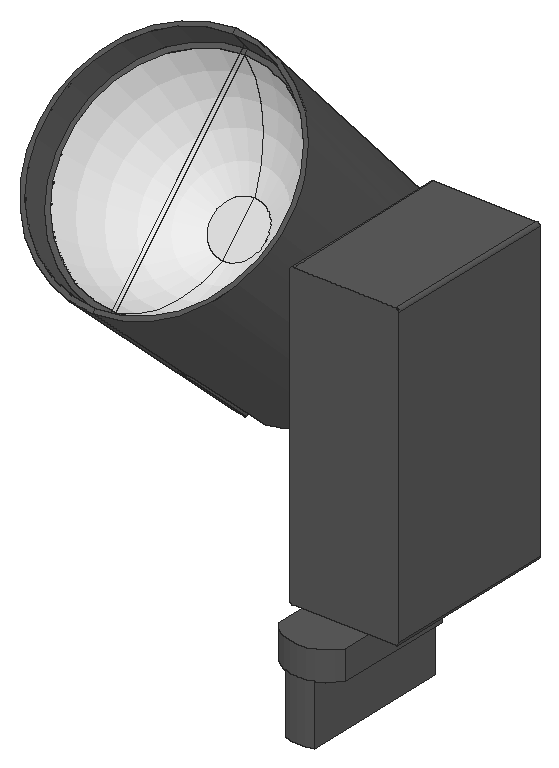
Revit family "0004906 Feilo Sylvania Lighting Fixture START TRACK SPOT L 55W 4K RA90 WB BLACK", category Lighting Fixtures, host Face, Revit 2017
Family settings
  Host = Face
  Round Connector Dimension = Use Diameter
  Part Type = Normal
  OmniClass Number = 23.80.70.00
  OmniClass Title = Lighting
  Cut with Voids When Loaded = No
  Light Source = No
  Shared = No
  Room Calculation Point = No
Parameters (values of type "0004906 START TRACK SPOT L 55W 4K RA90 WB BLACK")
  Weight = "1.398 kg"
  Wattage Comments = ""
  WarrantyStartDate [instance] = "n/a"
  WarrantyGuarantorParts = "n/a"
  WarrantyDurationUnit = "n/a"
  WarrantyDurationParts = "n/a"
  WarrantyDescription = "n/a"
  Voltage = 230 V
  URL = "http://www.sylvania-lighting.com"
  TypeName = "START TRACK SPOT L 55W 4K RA90 WB BLACK"
  TypeHead_FEILO = Start Track Spot Head : 0004906 START TRACK SPOT L 55W 4K RA90 WB BLACK
  TypeBox_FEILO = Start Track Spot Box : Type Large Black
  Type Image = <None>
  Type Comments = "n/a"
  VerticalRotation_FEILO [instance] = 0.00°
  SlideEndAngle_FEILO [instance] = VerticalRotation_FEILO + 180.00°  # 180.00°
  SerialNumber [instance] = "n/a"
  Material_3_FEILO = none
  PowerFactor = 0.96
  PowerConsumption = "55 W"
  NominalLength = 0 mm
  NominalHeight = 240 mm
  NominalDepth = 164 mm
  Name = "START TRACK SPOT L 55W 4K RA90 WB BLACK"
  ModelReference = Name  # "START TRACK SPOT L 55W 4K RA90 WB BLACK"
  ModelNumber = "0004906"
  Model = Name  # "START TRACK SPOT L 55W 4K RA90 WB BLACK"
  Material = "adc12 aluminium housing, polycarbonate diffuser"
  ManufacturerName = "Feilo Sylvania"
  Manufacturer = "Feilo Sylvania"
  LuminousEfficacy = "88 lm/W"
  LuminaireType = ""
  LightOutputRatio = "100"
  LampsType = Lamp  # "LED"
  LampNominalLuminous = "4824 lm"
  LampMacAdamStep = "3"
  LampColourTemperature = "4000 K"
  LampColourRenderingIndex = "90"
  Lamp = "LED"
  Keynote = "16500"
  InstallationDate [instance] = "n/a"
  InputVoltage = "230-240V~"
  InputNominalFrequency = "50/60 Hz"
  IngressProtection = "IP20"
  ImpactProtectionIndex = "IK02"
  IfcExportType = "IfcLightFixtureType"
  IfcExportAs = "IfcLightFixtureType"
  HorizontalRotation_FEILO [instance] = 45.00°
  ExpectedLife = 50000
  ElectricShockClassification = "Class II"
  DurationUnit = "hours"
  DocumentationLiterature = "http://www.sylvania-lighting.com/product/en-int/products/0004906"
  DimmingControlOptions = "Non dimmable"
  Material_2_FEILO = none
  Description = "Integrated LED spotlight, Textured Black - RAL9005, compact and minimalist design, ideal for retail applications, die-cast aluminium body, passive cooling heatsink. Beam angle: 52°, color temperature: 4000K , total system power: 55W, total fixture output: 4824 lm, LOR: 100%, colour rendering: Ra: 90 typical, LED Chromaticity: 3 step MacAdam ellipse, lifetime: >50000 hours at L70B50, energy class: A++, A+, A, IR/UV free light source without heat radiation, operating voltage: 220-240V / 50-60Hz, drive current: 1400mA, electronic driver, non-dimmable, power factor: 0.96, electrical protection: Class II, Global Track 3 Phase adapter suitable for Global trac 3-circuit tracks, ingress protection rating: IP20, suitable for internal environment only, horizontal rotation: 355°, vertical tilt: 90°, dimensions: Ø113x164x240, weight: 1.398kg."
  Default Elevation = 1219.2 mm
  CreatedOn = "12/12/2017"
  CreatedBy = ""
  Cost = 0
  built-in parameter 1114216 [instance] = (empty or 0)
  ClassificationValue = "EF_70_80"
  ClassificationName = "Uniclass2015"
  Material_1_FEILO = Body-Sylvania-StartTrackSpot-Black
  BarCode [instance] = "n/a"
  AssetType = "Fixed"
  AssetIdentifier [instance] = "n/a"
  Assembly Code = "D5020200"
  Apparent Load = 55 VA
  Material_4_FEILO = none
Reference planes
  plane 1 "Center (Front/Back)": y = 0
  plane 2: z = 0
  plane 3 "Center (Left/Right)": x = 0
  plane 4: x = 15
  plane 5: x = -15
  plane 6: y = 35
  plane 7: y = -35
  plane 8: z = 13
  plane 9: z = -27
  plane 10: x = 6.5
  plane 11: x = -6.5
  plane 12: y = 27
  plane 13: y = -27
  plane 14: y = 20
Forms (mm)
  Extrusion 1, solid, material "Body-Sylvania-StartTrackSpot-Black" <- "Material_1_FEILO"
    sketch origin (0, 0, 0) x (1, 0, 0) y (0, 1, 0)
      loop
        line (-15, 27) -> (-15, -27)
        arc (-15, -27) -> (0, -35) -> (15, -27) r 18.062
        line (15, -27) -> (15, 27)
        arc (15, 27) -> (0, 35) -> (-15, 27) r 18.062
    from 0 to 13
  Extrusion 2, solid, material "Body-Sylvania-StartTrackSpot-Black" <- "Material_1_FEILO"
    sketch origin (0, 0, 0) x (1, 0, 0) y (0, 1, 0)
      loop
        arc (6.5, 33.79) -> (0, 35) -> (-6.5, 33.79) r 18.062
        line (-6.5, 33.79) -> (-6.5, -33.79)
        arc (-6.5, -33.79) -> (0, -35) -> (6.5, -33.79) r 18.062
        line (6.5, -33.79) -> (6.5, 33.79)
    from 0 to -27
  Revolve 3, solid, not visible
    sketch origin (1524, 20, 1219.2) x (1, 0, 0) y (0, 0, 1)
      loop
        line (-1524, -1206.2) -> (-1524, -1191.285) -> (-1530.5, -1191.285) -> (-1530.5, -1206.2) -> (-1524, -1206.2)
      axis (-1524, -1191.285) -> (-1524, -1206.2)
    angle from 0 <- "VerticalRotation_FEILO" to 180 <- "SlideEndAngle_FEILO"
Cuts and joins
  joined: Extrusion 1, Extrusion 2
Dimensions and locks
  equal spacing: plane 10, plane 3 "Center (Left/Right)", plane 11
  equal spacing: plane 4, plane 3 "Center (Left/Right)", plane 5
  locked: plane 8 to plane 2 at 13
  locked: plane 8 to plane 9 at 40
  equal spacing: plane 13, plane 1 "Center (Front/Back)", plane 12
  locked: plane 12 to plane 6 at 8
  locked: plane 14 to plane 6 at 15
  locked: Revolve 3 sketch curve to plane 8 at 14.915
  aligned and locked: plane 2 to host face
  aligned and locked: level to host face
  aligned and locked: plane 5 to Extrusion 1 sketch curve  (x2)
  aligned and locked: plane 12 to Extrusion 1 sketch curve
  aligned and locked: plane 13 to Extrusion 1 sketch curve
  aligned and locked: plane 4 to Extrusion 1 sketch curve
  aligned and locked: Extrusion 1 to plane 8
  aligned and locked: Extrusion 1 to level
  aligned and locked: Extrusion 2 sketch curve to Extrusion 1  (x2)
  aligned and locked: Extrusion 2 sketch curve to plane 11
  aligned and locked: plane 10 to Extrusion 2 sketch curve
  aligned and locked: plane 9 to Extrusion 2
  aligned and locked: level to Extrusion 2
  aligned and locked: Revolve 3 sketch curve to plane 3 "Center (Left/Right)"  (x2)
  aligned and locked: plane 11 to Revolve 3 sketch curve
  aligned and locked: Revolve 3 sketch curve to plane 8
Automatic sketch dimensions
  host sketch curve to host sketch curve = 2438.4 mm  (x2)
  Extrusion 1 sketch curve to plane 3 "Center (Left/Right)" = 0 mm  (x2)
  Extrusion 1 sketch curve to plane 13 = 10.062 mm
  plane 12 to Extrusion 1 sketch curve = 10.062 mm
  Revolve 3 sketch curve to plane 3 "Center (Left/Right)" = 0 mm
  plane 9 to Revolve 3 sketch curve = 582.6 mm
  Revolve 3 sketch curve to Revolve 3 sketch curve = 2581.144 mm
Nested families
  nested 1: "Start Track Spot Head" at (-75.5, 20, 133) x (0, 0.7071, 0.7071) z (0, 0.7071, -0.7071), type <- "TypeHead_FEILO", type "0004906 START TRACK SPOT L 55W 4K RA90 WB BLACK"
    with built-in parameter 1114216 (empty or 0)
  nested 2: "Start Track Spot Box" at (8.5, 20, 85) x (-1, 0, 0) z (0, -1, 0), BoxStartAngle_FEILO <- "HorizontalRotation_FEILO", type <- "TypeBox_FEILO", type "Type Large Black"
    with BoxStartAngle_FEILO 45.00°, BoxEndAngle_FEILO -135.00°
Connectors
  electrical at (0, 0, 0), driven by "Apparent Load", driven by "PowerFactor", driven by "Voltage"
    settings: index 1, voltage 230 V, apparent load 55 VA, apparent load phase1 0 VA, apparent load phase2 0 VA, apparent load phase3 0 VA, power factor 0.96, load classification "Lighting", number of poles 1, system type 30, power factor state 1, is connector primary yes, connector utility no, sub classification motor no, connector description ""
Definition of nested family "Start Track Spot Head"
  Parameters (values of type "0004811 START TRACK SPOT S 14W 3K RA80 NB WHITE")
    Wattage Comments = "n/a"
    Wattage = 14 W
    built-in parameter 1150110 = 1 (stored number, unit not read)
    URL = "http://www.feilosylvania.com"
    Type Image = (empty or 0)
    Type Comments = "n/a"
    built-in parameter 1114217 = 1 (stored number, unit not read)
    Tilt Angle = -90.00°
    built-in parameter 1150109 = 1 (stored number, unit not read)
    built-in parameter 1150134 = (empty or 0)
    built-in parameter 1150113 = 1 (stored number, unit not read)
    Photometric Web File = "0004811.ies"
    Material_3_FEILO = none
    Model = "START TRACK SPOT S 14W 3K RA80 NB WHITE"
    Manufacturer = "Feilo Sylvania"
    built-in parameter 1150105 = 123.66 (stored number, unit not read)
    Lumens = 1554 lm
    built-in parameter 1150115 = 1 (stored number, unit not read)
    built-in parameter 1150137 = (empty or 0)
    built-in parameter 1150139 = (empty or 0)
    built-in parameter 1150112 = 1 (stored number, unit not read)
    built-in parameter 1150114 = 1 (stored number, unit not read)
    Lamp = "LED"
    Keynote = "16500"
    Material_2_FEILO = none
    built-in parameter 1150132 = (empty or 0)
    built-in parameter 1150102 = (empty or 0)
    built-in parameter 1150107 = 3000 (stored number, unit not read)
    built-in parameter 1150138 = (empty or 0)
    built-in parameter 1150106 = 1.2366 (stored number, unit not read)
    HeadThickness_FEILO = if(HeadDiaOut_FEILO > 112 mm, 2 mm, 1.5 mm)  # 1.5 mm
    HeadRibOffset_FEILO = HeadHeight_FEILO / 28  # 4.179 mm
    HeadRibDepth_FEILO = HeadHeight_FEILO / 2.1  # 55.714 mm
    HeadRibCutWidth_FEILO = HeadDiaOut_FEILO / 12  # 7.167 mm
    HeadRibCutOffset_FEILO = HeadHeight_FEILO / 2.3  # 50.87 mm
    HeadReflectorRadius_FEILO = HeadDiaOut_FEILO / 1.7  # 50.588 mm
    HeadReflectorOffset_FEILO = HeadHeight_FEILO / 2.1  # 55.714 mm
    HeadLEDRadius_FEILO = HeadDiaOut_FEILO / 9  # 9.556 mm
    HeadHeight_FEILO = 117 mm
    HeadDraft_FEILO = 1 mm
    HeadDiffusorThickness_FEILO = 3 mm
    HeadDiffusorOffset_FEILO = HeadHeight_FEILO / 12.4  # 9.435 mm
    HeadDiaOut_FEILO = 86 mm
    HeadDiaIn_FEILO = HeadDiaOut_FEILO / 1.11  # 77.477 mm
    HeadAxisFromTop_FEILO = HeadHeight_FEILO / 1.687  # 69.354 mm
    Emit from Circle Diameter = HeadDiaIn_FEILO  # 77.477 mm
    Emit Shape Visible in Rendering = no
    built-in parameter 1150104 = 10.312 (stored number, unit not read)
    Dimming Lamp Color Temperature Shift = (empty or 0)
    Description = "Integrated LED spotlight, Textured White - RAL9016, compact and minimalist design, ideal for retail applications, die-cast aluminium body, passive cooling heatsink. Beam angle: 12°, color temperature: 3000K , total system power: 14W, total fixture output: 1551 lm, LOR: 100%, colour rendering: Ra: 80 typical, LED Chromaticity: 3 step MacAdam ellipse, lifetime: >50000 hours at L70B50, energy class: A++, A+, A, IR/UV free light source without heat radiation, operating voltage: 220-240V / 50-60Hz, drive current: 350mA, electronic driver, non-dimmable, power factor: 0.92, electrical protection: Class II, Global Track 3 Phase adapter suitable for Global trac 3-circuit tracks, ingress protection rating: IP20, suitable for internal environment only, horizontal rotation: 355°, vertical tilt: 90°, dimensions: Ø86x140x200, weight: 0.940kg."
    Default Elevation = 1219.2 mm
    Cost = 0
    Color Filter = 16777215
    built-in parameter 1114216 [instance] = (empty or 0)
    Material_1_FEILO = none
    built-in parameter 1114218 = 1 (stored number, unit not read)
    built-in parameter 1150133 = 10 (stored number, unit not read)
    Assembly Code = "D5020200"
    Apparent Load = 14 VA
    Material_4_FEILO = none
  Types (96, lengths in mm): name | Wattage | built-in parameter 1150134 | Photometric Web File | Model | built-in parameter 1150105 | Lumens | built-in parameter 1150107 | built-in parameter 1150106 | HeadThickness_FEILO | HeadRibOffset_FEILO | HeadRibDepth_FEILO | HeadRibCutWidth_FEILO | HeadRibCutOffset_FEILO | HeadReflectorRadius_FEILO | HeadReflectorOffset_FEILO | HeadLEDRadius_FEILO | HeadHeight_FEILO | HeadDiffusorOffset_FEILO | HeadDiaOut_FEILO | HeadDiaIn_FEILO | HeadAxisFromTop_FEILO | Emit from Circle Diameter | built-in parameter 1150104 | Description | Apparent Load
    0004906 START TRACK SPOT L 55W 4K RA90 WB BLACK | 55 W | 12 | "0004906.ies" | "START TRACK SPOT L 55W 4K RA90 WB BLACK" | 385.15 (stored number, unit not read) | 4840 lm | 4000 (stored number, unit not read) | 3.8515 (stored number, unit not read) | 2 | 4.429 | 59.048 | 9.417 | 53.913 | 66.471 | 59.048 | 12.556 | 124 | 10 | 113 | 101.802 | 73.503 | 101.802 | 8.1755 (stored number, unit not read) | "Integrated LED spotlight, Textured Black - RAL9005, compact and minimalist design, ideal for retail applications, die-cast aluminium body, passive cooling heatsink. Beam angle: 52°, color temperature: 4000K , total system power: 55W, total fixture output: 4824 lm, LOR: 100%, colour rendering: Ra: 90 typical, LED Chromaticity: 3 step MacAdam ellipse, lifetime: >50000 hours at L70B50, energy class: A++, A+, A, IR/UV free light source without heat radiation, operating voltage: 220-240V / 50-60Hz, drive current: 1400mA, electronic driver, non-dimmable, power factor: 0.96, electrical protection: Class II, Global Track 3 Phase adapter suitable for Global trac 3-circuit tracks, ingress protection rating: IP20, suitable for internal environment only, horizontal rotation: 355°, vertical tilt: 90°, dimensions: Ø113x164x240, weight: 1.398kg." | 55 VA
    0004905 START TRACK SPOT L 55W 4K RA90 MB BLACK | 55 W | 12 | "0004905.ies" | "START TRACK SPOT L 55W 4K RA90 MB BLACK" | 389.53 (stored number, unit not read) | 4895 lm | 4000 (stored number, unit not read) | 3.8953 (stored number, unit not read) | 2 | 4.429 | 59.048 | 9.417 | 53.913 | 66.471 | 59.048 | 12.556 | 124 | 10 | 113 | 101.802 | 73.503 | 101.802 | 8.2684 (stored number, unit not read) | "Integrated LED spotlight, Textured Black - RAL9005, compact and minimalist design, ideal for retail applications, die-cast aluminium body, passive cooling heatsink. Beam angle: 38°, color temperature: 4000K , total system power: 55W, total fixture output: 4897 lm, LOR: 100%, colour rendering: Ra: 90 typical, LED Chromaticity: 3 step MacAdam ellipse, lifetime: >50000 hours at L70B50, energy class: A++, A+, A, IR/UV free light source without heat radiation, operating voltage: 220-240V / 50-60Hz, drive current: 1400mA, electronic driver, non-dimmable, power factor: 0.96, electrical protection: Class II, Global Track 3 Phase adapter suitable for Global trac 3-circuit tracks, ingress protection rating: IP20, suitable for internal environment only, horizontal rotation: 355°, vertical tilt: 90°, dimensions: Ø113x164x240, weight: 1.398kg." | 55 VA
    0004904 START TRACK SPOT L 55W 4K RA90 NB BLACK | 55 W | 12 | "0004904.ies" | "START TRACK SPOT L 55W 4K RA90 NB BLACK" | 393.91 (stored number, unit not read) | 4950 lm | 4000 (stored number, unit not read) | 3.9391 (stored number, unit not read) | 2 | 4.429 | 59.048 | 9.417 | 53.913 | 66.471 | 59.048 | 12.556 | 124 | 10 | 113 | 101.802 | 73.503 | 101.802 | 8.3613 (stored number, unit not read) | "Integrated LED spotlight, Textured Black - RAL9005, compact and minimalist design, ideal for retail applications, die-cast aluminium body, passive cooling heatsink. Beam angle: 15°, color temperature: 4000K , total system power: 55W, total fixture output: 4965 lm, LOR: 100%, colour rendering: Ra: 90 typical, LED Chromaticity: 3 step MacAdam ellipse, lifetime: >50000 hours at L70B50, energy class: A++, A+, A, IR/UV free light source without heat radiation, operating voltage: 220-240V / 50-60Hz, drive current: 1400mA, electronic driver, non-dimmable, power factor: 0.96, electrical protection: Class II, Global Track 3 Phase adapter suitable for Global trac 3-circuit tracks, ingress protection rating: IP20, suitable for internal environment only, horizontal rotation: 355°, vertical tilt: 90°, dimensions: Ø113x164x240, weight: 1.398kg." | 55 VA
    0004903 START TRACK SPOT L 35W 4K RA90 WB BLACK | 35 W | 12 | "0004903.ies" | "START TRACK SPOT L 35W 4K RA90 WB BLACK" | 284.09 (stored number, unit not read) | 3570 lm | 4000 (stored number, unit not read) | 2.8409 (stored number, unit not read) | 2 | 4.429 | 59.048 | 9.417 | 53.913 | 66.471 | 59.048 | 12.556 | 124 | 10 | 113 | 101.802 | 73.503 | 101.802 | 9.4761 (stored number, unit not read) | "Integrated LED spotlight, Textured Black - RAL9005, compact and minimalist design, ideal for retail applications, die-cast aluminium body, passive cooling heatsink. Beam angle: 52°, color temperature: 4000K , total system power: 35W, total fixture output: 3562 lm, LOR: 100%, colour rendering: Ra: 90 typical, LED Chromaticity: 3 step MacAdam ellipse, lifetime: >50000 hours at L70B50, energy class: A++, A+, A, IR/UV free light source without heat radiation, operating voltage: 220-240V / 50-60Hz, drive current: 900mA, electronic driver, non-dimmable, power factor: 0.93, electrical protection: Class II, Global Track 3 Phase adapter suitable for Global trac 3-circuit tracks, ingress protection rating: IP20, suitable for internal environment only, horizontal rotation: 355°, vertical tilt: 90°, dimensions: Ø113x164x240, weight: 1.368kg." | 35 VA
    0004902 START TRACK SPOT L 35W 4K RA90 MB BLACK | 35 W | 12 | "0004902.ies" | "START TRACK SPOT L 35W 4K RA90 MB BLACK" | 286.88 (stored number, unit not read) | 3605 lm | 4000 (stored number, unit not read) | 2.8688 (stored number, unit not read) | 2 | 4.429 | 59.048 | 9.417 | 53.913 | 66.471 | 59.048 | 12.556 | 124 | 10 | 113 | 101.802 | 73.503 | 101.802 | 9.569 (stored number, unit not read) | "Integrated LED spotlight, Textured Black - RAL9005, compact and minimalist design, ideal for retail applications, die-cast aluminium body, passive cooling heatsink. Beam angle: 38°, color temperature: 4000K , total system power: 35W, total fixture output: 3616 lm, LOR: 100%, colour rendering: Ra: 90 typical, LED Chromaticity: 3 step MacAdam ellipse, lifetime: >50000 hours at L70B50, energy class: A++, A+, A, IR/UV free light source without heat radiation, operating voltage: 220-240V / 50-60Hz, drive current: 900mA, electronic driver, non-dimmable, power factor: 0.93, electrical protection: Class II, Global Track 3 Phase adapter suitable for Global trac 3-circuit tracks, ingress protection rating: IP20, suitable for internal environment only, horizontal rotation: 355°, vertical tilt: 90°, dimensions: Ø113x164x240, weight: 1.368kg." | 35 VA
    0004901 START TRACK SPOT L 35W 4K RA90 NB BLACK | 35 W | 12 | "0004901.ies" | "START TRACK SPOT L 35W 4K RA90 NB BLACK" | 286.88 (stored number, unit not read) | 3605 lm | 4000 (stored number, unit not read) | 2.8688 (stored number, unit not read) | 2 | 4.429 | 59.048 | 9.417 | 53.913 | 66.471 | 59.048 | 12.556 | 124 | 10 | 113 | 101.802 | 73.503 | 101.802 | 9.569 (stored number, unit not read) | "Integrated LED spotlight, Textured Black - RAL9005, compact and minimalist design, ideal for retail applications, die-cast aluminium body, passive cooling heatsink. Beam angle: 15°, color temperature: 4000K , total system power: 35W, total fixture output: 3593 lm, LOR: 100%, colour rendering: Ra: 90 typical, LED Chromaticity: 3 step MacAdam ellipse, lifetime: >50000 hours at L70B50, energy class: A++, A+, A, IR/UV free light source without heat radiation, operating voltage: 220-240V / 50-60Hz, drive current: 900mA, electronic driver, non-dimmable, power factor: 0.93, electrical protection: Class II, Global Track 3 Phase adapter suitable for Global trac 3-circuit tracks, ingress protection rating: IP20, suitable for internal environment only, horizontal rotation: 355°, vertical tilt: 90°, dimensions: Ø113x164x240, weight: 1.368kg." | 35 VA
    0004900 START TRACK SPOT S 24W 4K RA90 WB BLACK | 24 W | 12 | "0004900.ies" | "START TRACK SPOT S 24W 4K RA90 WB BLACK" | 166.16 (stored number, unit not read) | 2088 lm | 4000 (stored number, unit not read) | 1.6616 (stored number, unit not read) | 1.5 | 4.179 | 55.714 | 7.167 | 50.87 | 50.588 | 55.714 | 9.556 | 117 | 9.435 | 86 | 77.477 | 69.354 | 77.477 | 8.0826 (stored number, unit not read) | "Integrated LED spotlight, Textured Black - RAL9005, compact and minimalist design, ideal for retail applications, die-cast aluminium body, passive cooling heatsink. Beam angle: 64°, color temperature: 4000K , total system power: 24W, total fixture output: 2087 lm, LOR: 100%, colour rendering: Ra: 90 typical, LED Chromaticity: 3 step MacAdam ellipse, lifetime: >50000 hours at L70B50, energy class: A++, A+, A, IR/UV free light source without heat radiation, operating voltage: 220-240V / 50-60Hz, drive current: 600mA, electronic driver, non-dimmable, power factor: 0.95, electrical protection: Class II, Global Track 3 Phase adapter suitable for Global trac 3-circuit tracks, ingress protection rating: IP20, suitable for internal environment only, horizontal rotation: 355°, vertical tilt: 90°, dimensions: Ø86x140x200, weight: 0.966kg." | 24 VA
    0004899 START TRACK SPOT S 24W 4K RA90 MB BLACK | 24 W | 12 | "0004899.ies" | "START TRACK SPOT S 24W 4K RA90 MB BLACK" | 169.98 (stored number, unit not read) | 2136 lm | 4000 (stored number, unit not read) | 1.6998 (stored number, unit not read) | 1.5 | 4.179 | 55.714 | 7.167 | 50.87 | 50.588 | 55.714 | 9.556 | 117 | 9.435 | 86 | 77.477 | 69.354 | 77.477 | 8.2684 (stored number, unit not read) | "Integrated LED spotlight, Textured Black - RAL9005, compact and minimalist design, ideal for retail applications, die-cast aluminium body, passive cooling heatsink. Beam angle: 36°, color temperature: 4000K , total system power: 24W, total fixture output: 2141 lm, LOR: 100%, colour rendering: Ra: 90 typical, LED Chromaticity: 3 step MacAdam ellipse, lifetime: >50000 hours at L70B50, energy class: A++, A+, A, IR/UV free light source without heat radiation, operating voltage: 220-240V / 50-60Hz, drive current: 600mA, electronic driver, non-dimmable, power factor: 0.95, electrical protection: Class II, Global Track 3 Phase adapter suitable for Global trac 3-circuit tracks, ingress protection rating: IP20, suitable for internal environment only, horizontal rotation: 355°, vertical tilt: 90°, dimensions: Ø86x140x200, weight: 0.966kg." | 24 VA
    0004898 START TRACK SPOT S 24W 4K RA90 NB BLACK | 24 W | 12 | "0004898.ies" | "START TRACK SPOT S 24W 4K RA90 NB BLACK" | 171.89 (stored number, unit not read) | 2160 lm | 4000 (stored number, unit not read) | 1.7189 (stored number, unit not read) | 1.5 | 4.179 | 55.714 | 7.167 | 50.87 | 50.588 | 55.714 | 9.556 | 117 | 9.435 | 86 | 77.477 | 69.354 | 77.477 | 8.3613 (stored number, unit not read) | "Integrated LED spotlight, Textured Black - RAL9005, compact and minimalist design, ideal for retail applications, die-cast aluminium body, passive cooling heatsink. Beam angle: 12°, color temperature: 4000K , total system power: 24W, total fixture output: 2155 lm, LOR: 100%, colour rendering: Ra: 90 typical, LED Chromaticity: 3 step MacAdam ellipse, lifetime: >50000 hours at L70B50, energy class: A++, A+, A, IR/UV free light source without heat radiation, operating voltage: 220-240V / 50-60Hz, drive current: 600mA, electronic driver, non-dimmable, power factor: 0.95, electrical protection: Class II, Global Track 3 Phase adapter suitable for Global trac 3-circuit tracks, ingress protection rating: IP20, suitable for internal environment only, horizontal rotation: 355°, vertical tilt: 90°, dimensions: Ø86x140x200, weight: 0.966kg." | 24 VA
    0004897 START TRACK SPOT S 14W 4K RA90 WB BLACK | 14 W | 12 | "0004897.ies" | "START TRACK SPOT S 14W 4K RA90 WB BLACK" | 108.07 (stored number, unit not read) | 1358 lm | 4000 (stored number, unit not read) | 1.0807 (stored number, unit not read) | 1.5 | 4.179 | 55.714 | 7.167 | 50.87 | 50.588 | 55.714 | 9.556 | 117 | 9.435 | 86 | 77.477 | 69.354 | 77.477 | 9.0116 (stored number, unit not read) | "Integrated LED spotlight, Textured Black - RAL9005, compact and minimalist design, ideal for retail applications, die-cast aluminium body, passive cooling heatsink. Beam angle: 64°, color temperature: 4000K , total system power: 14W, total fixture output: 1352 lm, LOR: 100%, colour rendering: Ra: 90 typical, LED Chromaticity: 3 step MacAdam ellipse, lifetime: >50000 hours at L70B50, energy class: A++, A+, A, IR/UV free light source without heat radiation, operating voltage: 220-240V / 50-60Hz, drive current: 350mA, electronic driver, non-dimmable, power factor: 0.92, electrical protection: Class II, Global Track 3 Phase adapter suitable for Global trac 3-circuit tracks, ingress protection rating: IP20, suitable for internal environment only, horizontal rotation: 355°, vertical tilt: 90°, dimensions: Ø86x140x200, weight: 0.940kg." | 14 VA
    0004896 START TRACK SPOT S 14W 4K RA90 MB BLACK | 14 W | 12 | "0004896.ies" | "START TRACK SPOT S 14W 4K RA90 MB BLACK" | 108.07 (stored number, unit not read) | 1358 lm | 4000 (stored number, unit not read) | 1.0807 (stored number, unit not read) | 1.5 | 4.179 | 55.714 | 7.167 | 50.87 | 50.588 | 55.714 | 9.556 | 117 | 9.435 | 86 | 77.477 | 69.354 | 77.477 | 9.0116 (stored number, unit not read) | "Integrated LED spotlight, Textured Black - RAL9005, compact and minimalist design, ideal for retail applications, die-cast aluminium body, passive cooling heatsink. Beam angle: 36°, color temperature: 4000K , total system power: 14W, total fixture output: 1359 lm, LOR: 100%, colour rendering: Ra: 90 typical, LED Chromaticity: 3 step MacAdam ellipse, lifetime: >50000 hours at L70B50, energy class: A++, A+, A, IR/UV free light source without heat radiation, operating voltage: 220-240V / 50-60Hz, drive current: 350mA, electronic driver, non-dimmable, power factor: 0.92, electrical protection: Class II, Global Track 3 Phase adapter suitable for Global trac 3-circuit tracks, ingress protection rating: IP20, suitable for internal environment only, horizontal rotation: 355°, vertical tilt: 90°, dimensions: Ø86x140x200, weight: 0.940kg." | 14 VA
    0004895 START TRACK SPOT S 14W 4K RA90 NB BLACK | 14 W | 12 | "0004895.ies" | "START TRACK SPOT S 14W 4K RA90 NB BLACK" | 106.95 (stored number, unit not read) | 1344 lm | 4000 (stored number, unit not read) | 1.0695 (stored number, unit not read) | 1.5 | 4.179 | 55.714 | 7.167 | 50.87 | 50.588 | 55.714 | 9.556 | 117 | 9.435 | 86 | 77.477 | 69.354 | 77.477 | 8.9187 (stored number, unit not read) | "Integrated LED spotlight, Textured Black - RAL9005, compact and minimalist design, ideal for retail applications, die-cast aluminium body, passive cooling heatsink. Beam angle: 12°, color temperature: 4000K , total system power: 14W, total fixture output: 1349 lm, LOR: 100%, colour rendering: Ra: 90 typical, LED Chromaticity: 3 step MacAdam ellipse, lifetime: >50000 hours at L70B50, energy class: A++, A+, A, IR/UV free light source without heat radiation, operating voltage: 220-240V / 50-60Hz, drive current: 350mA, electronic driver, non-dimmable, power factor: 0.92, electrical protection: Class II, Global Track 3 Phase adapter suitable for Global trac 3-circuit tracks, ingress protection rating: IP20, suitable for internal environment only, horizontal rotation: 355°, vertical tilt: 90°, dimensions: Ø86x140x200, weight: 0.940kg." | 14 VA
    0004894 START TRACK SPOT L 55W 3K RA90 WB BLACK | 55 W | (empty or 0) | "0004894.ies" | "START TRACK SPOT L 55W 3K RA90 WB BLACK" | 350.14 (stored number, unit not read) | 4400 lm | 3000 (stored number, unit not read) | 3.5014 (stored number, unit not read) | 2 | 4.429 | 59.048 | 9.417 | 53.913 | 66.471 | 59.048 | 12.556 | 124 | 10 | 113 | 101.802 | 73.503 | 101.802 | 7.4322 (stored number, unit not read) | "Integrated LED spotlight, Textured Black - RAL9005, compact and minimalist design, ideal for retail applications, die-cast aluminium body, passive cooling heatsink. Beam angle: 52°, color temperature: 3000K , total system power: 55W, total fixture output: 4405 lm, LOR: 100%, colour rendering: Ra: 90 typical, LED Chromaticity: 3 step MacAdam ellipse, lifetime: >50000 hours at L70B50, energy class: A++, A+, A, IR/UV free light source without heat radiation, operating voltage: 220-240V / 50-60Hz, drive current: 1400mA, electronic driver, non-dimmable, power factor: 0.96, electrical protection: Class II, Global Track 3 Phase adapter suitable for Global trac 3-circuit tracks, ingress protection rating: IP20, suitable for internal environment only, horizontal rotation: 355°, vertical tilt: 90°, dimensions: Ø113x164x240, weight: 1.398kg." | 55 VA
    0004893 START TRACK SPOT L 55W 3K RA90 MB BLACK | 55 W | (empty or 0) | "0004893.ies" | "START TRACK SPOT L 55W 3K RA90 MB BLACK" | 354.52 (stored number, unit not read) | 4455 lm | 3000 (stored number, unit not read) | 3.5452 (stored number, unit not read) | 2 | 4.429 | 59.048 | 9.417 | 53.913 | 66.471 | 59.048 | 12.556 | 124 | 10 | 113 | 101.802 | 73.503 | 101.802 | 7.5251 (stored number, unit not read) | "Integrated LED spotlight, Textured Black - RAL9005, compact and minimalist design, ideal for retail applications, die-cast aluminium body, passive cooling heatsink. Beam angle: 38°, color temperature: 3000K , total system power: 55W, total fixture output: 4448 lm, LOR: 100%, colour rendering: Ra: 90 typical, LED Chromaticity: 3 step MacAdam ellipse, lifetime: >50000 hours at L70B50, energy class: A++, A+, A, IR/UV free light source without heat radiation, operating voltage: 220-240V / 50-60Hz, drive current: 1400mA, electronic driver, non-dimmable, power factor: 0.96, electrical protection: Class II, Global Track 3 Phase adapter suitable for Global trac 3-circuit tracks, ingress protection rating: IP20, suitable for internal environment only, horizontal rotation: 355°, vertical tilt: 90°, dimensions: Ø113x164x240, weight: 1.398kg." | 55 VA
    0004892 START TRACK SPOT L 55W 3K RA90 NB BLACK | 55 W | (empty or 0) | "0004892.ies" | "START TRACK SPOT L 55W 3K RA90 NB BLACK" | 350.14 (stored number, unit not read) | 4400 lm | 3000 (stored number, unit not read) | 3.5014 (stored number, unit not read) | 2 | 4.429 | 59.048 | 9.417 | 53.913 | 66.471 | 59.048 | 12.556 | 124 | 10 | 113 | 101.802 | 73.503 | 101.802 | 7.4322 (stored number, unit not read) | "Integrated LED spotlight, Textured Black - RAL9005, compact and minimalist design, ideal for retail applications, die-cast aluminium body, passive cooling heatsink. Beam angle: 15°, color temperature: 3000K , total system power: 55W, total fixture output: 4416 lm, LOR: 100%, colour rendering: Ra: 90 typical, LED Chromaticity: 3 step MacAdam ellipse, lifetime: >50000 hours at L70B50, energy class: A++, A+, A, IR/UV free light source without heat radiation, operating voltage: 220-240V / 50-60Hz, drive current: 1400mA, electronic driver, non-dimmable, power factor: 0.96, electrical protection: Class II, Global Track 3 Phase adapter suitable for Global trac 3-circuit tracks, ingress protection rating: IP20, suitable for internal environment only, horizontal rotation: 355°, vertical tilt: 90°, dimensions: Ø113x164x240, weight: 1.398kg." | 55 VA
    0004891 START TRACK SPOT L 35W 3K RA90 WB BLACK | 35 W | (empty or 0) | "0004891.ies" | "START TRACK SPOT L 35W 3K RA90 WB BLACK" | 259.02 (stored number, unit not read) | 3255 lm | 3000 (stored number, unit not read) | 2.5902 (stored number, unit not read) | 2 | 4.429 | 59.048 | 9.417 | 53.913 | 66.471 | 59.048 | 12.556 | 124 | 10 | 113 | 101.802 | 73.503 | 101.802 | 8.64 (stored number, unit not read) | "Integrated LED spotlight, Textured Black - RAL9005, compact and minimalist design, ideal for retail applications, die-cast aluminium body, passive cooling heatsink. Beam angle: 52°, color temperature: 3000K , total system power: 35W, total fixture output: 3260 lm, LOR: 100%, colour rendering: Ra: 90 typical, LED Chromaticity: 3 step MacAdam ellipse, lifetime: >50000 hours at L70B50, energy class: A++, A+, A, IR/UV free light source without heat radiation, operating voltage: 220-240V / 50-60Hz, drive current: 900mA, electronic driver, non-dimmable, power factor: 0.93, electrical protection: Class II, Global Track 3 Phase adapter suitable for Global trac 3-circuit tracks, ingress protection rating: IP20, suitable for internal environment only, horizontal rotation: 355°, vertical tilt: 90°, dimensions: Ø113x164x240, weight: 1.368kg." | 35 VA
    0004890 START TRACK SPOT L 35W 3K RA90 MB BLACK | 35 W | (empty or 0) | "0004890.ies" | "START TRACK SPOT L 35W 3K RA90 MB BLACK" | 261.81 (stored number, unit not read) | 3290 lm | 3000 (stored number, unit not read) | 2.6181 (stored number, unit not read) | 2 | 4.429 | 59.048 | 9.417 | 53.913 | 66.471 | 59.048 | 12.556 | 124 | 10 | 113 | 101.802 | 73.503 | 101.802 | 8.7329 (stored number, unit not read) | "Integrated LED spotlight, Textured Black - RAL9005, compact and minimalist design, ideal for retail applications, die-cast aluminium body, passive cooling heatsink. Beam angle: 38°, color temperature: 3000K , total system power: 35W, total fixture output: 3306 lm, LOR: 100%, colour rendering: Ra: 90 typical, LED Chromaticity: 3 step MacAdam ellipse, lifetime: >50000 hours at L70B50, energy class: A++, A+, A, IR/UV free light source without heat radiation, operating voltage: 220-240V / 50-60Hz, drive current: 900mA, electronic driver, non-dimmable, power factor: 0.93, electrical protection: Class II, Global Track 3 Phase adapter suitable for Global trac 3-circuit tracks, ingress protection rating: IP20, suitable for internal environment only, horizontal rotation: 355°, vertical tilt: 90°, dimensions: Ø113x164x240, weight: 1.368kg." | 35 VA
    0004889 START TRACK SPOT L 35W 3K RA90 NB BLACK | 35 W | (empty or 0) | "0004889.ies" | "START TRACK SPOT L 35W 3K RA90 NB BLACK" | 261.81 (stored number, unit not read) | 3290 lm | 3000 (stored number, unit not read) | 2.6181 (stored number, unit not read) | 2 | 4.429 | 59.048 | 9.417 | 53.913 | 66.471 | 59.048 | 12.556 | 124 | 10 | 113 | 101.802 | 73.503 | 101.802 | 8.7329 (stored number, unit not read) | "Integrated LED spotlight, Textured Black - RAL9005, compact and minimalist design, ideal for retail applications, die-cast aluminium body, passive cooling heatsink. Beam angle: 15°, color temperature: 3000K , total system power: 35W, total fixture output: 3287 lm, LOR: 100%, colour rendering: Ra: 90 typical, LED Chromaticity: 3 step MacAdam ellipse, lifetime: >50000 hours at L70B50, energy class: A++, A+, A, IR/UV free light source without heat radiation, operating voltage: 220-240V / 50-60Hz, drive current: 900mA, electronic driver, non-dimmable, power factor: 0.93, electrical protection: Class II, Global Track 3 Phase adapter suitable for Global trac 3-circuit tracks, ingress protection rating: IP20, suitable for internal environment only, horizontal rotation: 355°, vertical tilt: 90°, dimensions: Ø113x164x240, weight: 1.368kg." | 35 VA
    0004888 START TRACK SPOT S 24W 3K RA90 WB BLACK | 24 W | (empty or 0) | "0004888.ies" | "START TRACK SPOT S 24W 3K RA90 WB BLACK" | 152.79 (stored number, unit not read) | 1920 lm | 3000 (stored number, unit not read) | 1.5279 (stored number, unit not read) | 1.5 | 4.179 | 55.714 | 7.167 | 50.87 | 50.588 | 55.714 | 9.556 | 117 | 9.435 | 86 | 77.477 | 69.354 | 77.477 | 7.4322 (stored number, unit not read) | "Integrated LED spotlight, Textured Black - RAL9005, compact and minimalist design, ideal for retail applications, die-cast aluminium body, passive cooling heatsink. Beam angle: 64°, color temperature: 3000K , total system power: 24W, total fixture output: 1928 lm, LOR: 100%, colour rendering: Ra: 90 typical, LED Chromaticity: 3 step MacAdam ellipse, lifetime: >50000 hours at L70B50, energy class: A++, A+, A, IR/UV free light source without heat radiation, operating voltage: 220-240V / 50-60Hz, drive current: 600mA, electronic driver, non-dimmable, power factor: 0.95, electrical protection: Class II, Global Track 3 Phase adapter suitable for Global trac 3-circuit tracks, ingress protection rating: IP20, suitable for internal environment only, horizontal rotation: 355°, vertical tilt: 90°, dimensions: Ø86x140x200, weight: 0.966kg." | 24 VA
    0004887 START TRACK SPOT S 24W 3K RA90 MB BLACK | 24 W | (empty or 0) | "0004887.ies" | "START TRACK SPOT S 24W 3K RA90 MB BLACK" | 154.7 (stored number, unit not read) | 1944 lm | 3000 (stored number, unit not read) | 1.547 (stored number, unit not read) | 1.5 | 4.179 | 55.714 | 7.167 | 50.87 | 50.588 | 55.714 | 9.556 | 117 | 9.435 | 86 | 77.477 | 69.354 | 77.477 | 7.5251 (stored number, unit not read) | "Integrated LED spotlight, Textured Black - RAL9005, compact and minimalist design, ideal for retail applications, die-cast aluminium body, passive cooling heatsink. Beam angle: 36°, color temperature: 3000K , total system power: 24W, total fixture output: 1944 lm, LOR: 100%, colour rendering: Ra: 90 typical, LED Chromaticity: 3 step MacAdam ellipse, lifetime: >50000 hours at L70B50, energy class: A++, A+, A, IR/UV free light source without heat radiation, operating voltage: 220-240V / 50-60Hz, drive current: 600mA, electronic driver, non-dimmable, power factor: 0.95, electrical protection: Class II, Global Track 3 Phase adapter suitable for Global trac 3-circuit tracks, ingress protection rating: IP20, suitable for internal environment only, horizontal rotation: 355°, vertical tilt: 90°, dimensions: Ø86x140x200, weight: 0.966kg." | 24 VA
    0004886 START TRACK SPOT S 24W 3K RA90 NB BLACK | 24 W | (empty or 0) | "0004886.ies" | "START TRACK SPOT S 24W 3K RA90 NB BLACK" | 158.52 (stored number, unit not read) | 1992 lm | 3000 (stored number, unit not read) | 1.5852 (stored number, unit not read) | 1.5 | 4.179 | 55.714 | 7.167 | 50.87 | 50.588 | 55.714 | 9.556 | 117 | 9.435 | 86 | 77.477 | 69.354 | 77.477 | 7.711 (stored number, unit not read) | "Integrated LED spotlight, Textured Black - RAL9005, compact and minimalist design, ideal for retail applications, die-cast aluminium body, passive cooling heatsink. Beam angle: 12°, color temperature: 3000K , total system power: 24W, total fixture output: 1987 lm, LOR: 100%, colour rendering: Ra: 90 typical, LED Chromaticity: 3 step MacAdam ellipse, lifetime: >50000 hours at L70B50, energy class: A++, A+, A, IR/UV free light source without heat radiation, operating voltage: 220-240V / 50-60Hz, drive current: 600mA, electronic driver, non-dimmable, power factor: 0.95, electrical protection: Class II, Global Track 3 Phase adapter suitable for Global trac 3-circuit tracks, ingress protection rating: IP20, suitable for internal environment only, horizontal rotation: 355°, vertical tilt: 90°, dimensions: Ø86x140x200, weight: 0.966kg." | 24 VA
    0004885 START TRACK SPOT S 14W 3K RA90 WB BLACK | 14 W | (empty or 0) | "0004885.ies" | "START TRACK SPOT S 14W 3K RA90 WB BLACK" | 100.27 (stored number, unit not read) | 1260 lm | 3000 (stored number, unit not read) | 1.0027 (stored number, unit not read) | 1.5 | 4.179 | 55.714 | 7.167 | 50.87 | 50.588 | 55.714 | 9.556 | 117 | 9.435 | 86 | 77.477 | 69.354 | 77.477 | 8.3613 (stored number, unit not read) | "Integrated LED spotlight, Textured Black - RAL9005, compact and minimalist design, ideal for retail applications, die-cast aluminium body, passive cooling heatsink. Beam angle: 64°, color temperature: 3000K , total system power: 14W, total fixture output: 1262 lm, LOR: 100%, colour rendering: Ra: 90 typical, LED Chromaticity: 3 step MacAdam ellipse, lifetime: >50000 hours at L70B50, energy class: A++, A+, A, IR/UV free light source without heat radiation, operating voltage: 220-240V / 50-60Hz, drive current: 350mA, electronic driver, non-dimmable, power factor: 0.92, electrical protection: Class II, Global Track 3 Phase adapter suitable for Global trac 3-circuit tracks, ingress protection rating: IP20, suitable for internal environment only, horizontal rotation: 355°, vertical tilt: 90°, dimensions: Ø86x140x200, weight: 0.940kg." | 14 VA
    0004884 START TRACK SPOT S 14W 3K RA90 MB BLACK | 14 W | (empty or 0) | "0004884.ies" | "START TRACK SPOT S 14W 3K RA90 MB BLACK" | 100.27 (stored number, unit not read) | 1260 lm | 3000 (stored number, unit not read) | 1.0027 (stored number, unit not read) | 1.5 | 4.179 | 55.714 | 7.167 | 50.87 | 50.588 | 55.714 | 9.556 | 117 | 9.435 | 86 | 77.477 | 69.354 | 77.477 | 8.3613 (stored number, unit not read) | "Integrated LED spotlight, Textured Black - RAL9005, compact and minimalist design, ideal for retail applications, die-cast aluminium body, passive cooling heatsink. Beam angle: 36°, color temperature: 3000K , total system power: 14W, total fixture output: 1262 lm, LOR: 100%, colour rendering: Ra: 90 typical, LED Chromaticity: 3 step MacAdam ellipse, lifetime: >50000 hours at L70B50, energy class: A++, A+, A, IR/UV free light source without heat radiation, operating voltage: 220-240V / 50-60Hz, drive current: 350mA, electronic driver, non-dimmable, power factor: 0.92, electrical protection: Class II, Global Track 3 Phase adapter suitable for Global trac 3-circuit tracks, ingress protection rating: IP20, suitable for internal environment only, horizontal rotation: 355°, vertical tilt: 90°, dimensions: Ø86x140x200, weight: 0.940kg." | 14 VA
    0004883 START TRACK SPOT S 14W 3K RA90 NB BLACK | 14 W | (empty or 0) | "0004883.ies" | "START TRACK SPOT S 14W 3K RA90 NB BLACK" | 102.5 (stored number, unit not read) | 1288 lm | 3000 (stored number, unit not read) | 1.025 (stored number, unit not read) | 1.5 | 4.179 | 55.714 | 7.167 | 50.87 | 50.588 | 55.714 | 9.556 | 117 | 9.435 | 86 | 77.477 | 69.354 | 77.477 | 8.5471 (stored number, unit not read) | "Integrated LED spotlight, Textured Black - RAL9005, compact and minimalist design, ideal for retail applications, die-cast aluminium body, passive cooling heatsink. Beam angle: 12°, color temperature: 3000K , total system power: 14W, total fixture output: 1284 lm, LOR: 100%, colour rendering: Ra: 90 typical, LED Chromaticity: 3 step MacAdam ellipse, lifetime: >50000 hours at L70B50, energy class: A++, A+, A, IR/UV free light source without heat radiation, operating voltage: 220-240V / 50-60Hz, drive current: 350mA, electronic driver, non-dimmable, power factor: 0.92, electrical protection: Class II, Global Track 3 Phase adapter suitable for Global trac 3-circuit tracks, ingress protection rating: IP20, suitable for internal environment only, horizontal rotation: 355°, vertical tilt: 90°, dimensions: Ø86x140x200, weight: 0.940kg." | 14 VA
    0004882 START TRACK SPOT L 55W 4K RA90 WB WHITE | 55 W | 12 | "0004882.ies" | "START TRACK SPOT L 55W 4K RA90 WB WHITE" | 385.15 (stored number, unit not read) | 4840 lm | 4000 (stored number, unit not read) | 3.8515 (stored number, unit not read) | 2 | 4.429 | 59.048 | 9.417 | 53.913 | 66.471 | 59.048 | 12.556 | 124 | 10 | 113 | 101.802 | 73.503 | 101.802 | 8.1755 (stored number, unit not read) | "Integrated LED spotlight, Textured White - RAL9016, compact and minimalist design, ideal for retail applications, die-cast aluminium body, passive cooling heatsink. Beam angle: 52°, color temperature: 4000K , total system power: 55W, total fixture output: 4824 lm, LOR: 100%, colour rendering: Ra: 90 typical, LED Chromaticity: 3 step MacAdam ellipse, lifetime: >50000 hours at L70B50, energy class: A++, A+, A, IR/UV free light source without heat radiation, operating voltage: 220-240V / 50-60Hz, drive current: 1400mA, electronic driver, non-dimmable, power factor: 0.96, electrical protection: Class II, Global Track 3 Phase adapter suitable for Global trac 3-circuit tracks, ingress protection rating: IP20, suitable for internal environment only, horizontal rotation: 355°, vertical tilt: 90°, dimensions: Ø113x164x240, weight: 1.398kg." | 55 VA
    0004881 START TRACK SPOT L 55W 4K RA90 MB WHITE | 55 W | 12 | "0004881.ies" | "START TRACK SPOT L 55W 4K RA90 MB WHITE" | 389.53 (stored number, unit not read) | 4895 lm | 4000 (stored number, unit not read) | 3.8953 (stored number, unit not read) | 2 | 4.429 | 59.048 | 9.417 | 53.913 | 66.471 | 59.048 | 12.556 | 124 | 10 | 113 | 101.802 | 73.503 | 101.802 | 8.2684 (stored number, unit not read) | "Integrated LED spotlight, Textured White - RAL9016, compact and minimalist design, ideal for retail applications, die-cast aluminium body, passive cooling heatsink. Beam angle: 38°, color temperature: 4000K , total system power: 55W, total fixture output: 4897 lm, LOR: 100%, colour rendering: Ra: 90 typical, LED Chromaticity: 3 step MacAdam ellipse, lifetime: >50000 hours at L70B50, energy class: A++, A+, A, IR/UV free light source without heat radiation, operating voltage: 220-240V / 50-60Hz, drive current: 1400mA, electronic driver, non-dimmable, power factor: 0.96, electrical protection: Class II, Global Track 3 Phase adapter suitable for Global trac 3-circuit tracks, ingress protection rating: IP20, suitable for internal environment only, horizontal rotation: 355°, vertical tilt: 90°, dimensions: Ø113x164x240, weight: 1.398kg." | 55 VA
    0004880 START TRACK SPOT L 55W 4K RA90 NB WHITE | 55 W | 12 | "0004880.ies" | "START TRACK SPOT L 55W 4K RA90 NB WHITE" | 393.91 (stored number, unit not read) | 4950 lm | 4000 (stored number, unit not read) | 3.9391 (stored number, unit not read) | 2 | 4.429 | 59.048 | 9.417 | 53.913 | 66.471 | 59.048 | 12.556 | 124 | 10 | 113 | 101.802 | 73.503 | 101.802 | 8.3613 (stored number, unit not read) | "Integrated LED spotlight, Textured White - RAL9016, compact and minimalist design, ideal for retail applications, die-cast aluminium body, passive cooling heatsink. Beam angle: 15°, color temperature: 4000K , total system power: 55W, total fixture output: 4965 lm, LOR: 100%, colour rendering: Ra: 90 typical, LED Chromaticity: 3 step MacAdam ellipse, lifetime: >50000 hours at L70B50, energy class: A++, A+, A, IR/UV free light source without heat radiation, operating voltage: 220-240V / 50-60Hz, drive current: 1400mA, electronic driver, non-dimmable, power factor: 0.96, electrical protection: Class II, Global Track 3 Phase adapter suitable for Global trac 3-circuit tracks, ingress protection rating: IP20, suitable for internal environment only, horizontal rotation: 355°, vertical tilt: 90°, dimensions: Ø113x164x240, weight: 1.398kg." | 55 VA
    0004879 START TRACK SPOT L 35W 4K RA90 WB WHITE | 35 W | 12 | "0004879.ies" | "START TRACK SPOT L 35W 4K RA90 WB WHITE" | 284.09 (stored number, unit not read) | 3570 lm | 4000 (stored number, unit not read) | 2.8409 (stored number, unit not read) | 2 | 4.429 | 59.048 | 9.417 | 53.913 | 66.471 | 59.048 | 12.556 | 124 | 10 | 113 | 101.802 | 73.503 | 101.802 | 9.4761 (stored number, unit not read) | "Integrated LED spotlight, Textured White - RAL9016, compact and minimalist design, ideal for retail applications, die-cast aluminium body, passive cooling heatsink. Beam angle: 52°, color temperature: 4000K , total system power: 35W, total fixture output: 3562 lm, LOR: 100%, colour rendering: Ra: 90 typical, LED Chromaticity: 3 step MacAdam ellipse, lifetime: >50000 hours at L70B50, energy class: A++, A+, A, IR/UV free light source without heat radiation, operating voltage: 220-240V / 50-60Hz, drive current: 900mA, electronic driver, non-dimmable, power factor: 0.93, electrical protection: Class II, Global Track 3 Phase adapter suitable for Global trac 3-circuit tracks, ingress protection rating: IP20, suitable for internal environment only, horizontal rotation: 355°, vertical tilt: 90°, dimensions: Ø113x164x240, weight: 1.368kg." | 35 VA
    0004878 START TRACK SPOT L 35W 4K RA90 MB WHITE | 35 W | 12 | "0004878.ies" | "START TRACK SPOT L 35W 4K RA90 MB WHITE" | 286.88 (stored number, unit not read) | 3605 lm | 4000 (stored number, unit not read) | 2.8688 (stored number, unit not read) | 2 | 4.429 | 59.048 | 9.417 | 53.913 | 66.471 | 59.048 | 12.556 | 124 | 10 | 113 | 101.802 | 73.503 | 101.802 | 9.569 (stored number, unit not read) | "Integrated LED spotlight, Textured White - RAL9016, compact and minimalist design, ideal for retail applications, die-cast aluminium body, passive cooling heatsink. Beam angle: 38°, color temperature: 4000K , total system power: 35W, total fixture output: 3616 lm, LOR: 100%, colour rendering: Ra: 90 typical, LED Chromaticity: 3 step MacAdam ellipse, lifetime: >50000 hours at L70B50, energy class: A++, A+, A, IR/UV free light source without heat radiation, operating voltage: 220-240V / 50-60Hz, drive current: 900mA, electronic driver, non-dimmable, power factor: 0.93, electrical protection: Class II, Global Track 3 Phase adapter suitable for Global trac 3-circuit tracks, ingress protection rating: IP20, suitable for internal environment only, horizontal rotation: 355°, vertical tilt: 90°, dimensions: Ø113x164x240, weight: 1.368kg." | 35 VA
    0004877 START TRACK SPOT L 35W 4K RA90 NB WHITE | 35 W | 12 | "0004877.ies" | "START TRACK SPOT L 35W 4K RA90 NB WHITE" | 286.88 (stored number, unit not read) | 3605 lm | 4000 (stored number, unit not read) | 2.8688 (stored number, unit not read) | 2 | 4.429 | 59.048 | 9.417 | 53.913 | 66.471 | 59.048 | 12.556 | 124 | 10 | 113 | 101.802 | 73.503 | 101.802 | 9.569 (stored number, unit not read) | "Integrated LED spotlight, Textured White - RAL9016, compact and minimalist design, ideal for retail applications, die-cast aluminium body, passive cooling heatsink. Beam angle: 15°, color temperature: 4000K , total system power: 35W, total fixture output: 3593 lm, LOR: 100%, colour rendering: Ra: 90 typical, LED Chromaticity: 3 step MacAdam ellipse, lifetime: >50000 hours at L70B50, energy class: A++, A+, A, IR/UV free light source without heat radiation, operating voltage: 220-240V / 50-60Hz, drive current: 900mA, electronic driver, non-dimmable, power factor: 0.93, electrical protection: Class II, Global Track 3 Phase adapter suitable for Global trac 3-circuit tracks, ingress protection rating: IP20, suitable for internal environment only, horizontal rotation: 355°, vertical tilt: 90°, dimensions: Ø113x164x240, weight: 1.368kg." | 35 VA
    0004876 START TRACK SPOT S 24W 4K RA90 WB WHITE | 24 W | 12 | "0004876.ies" | "START TRACK SPOT S 24W 4K RA90 WB WHITE" | 166.16 (stored number, unit not read) | 2088 lm | 4000 (stored number, unit not read) | 1.6616 (stored number, unit not read) | 1.5 | 4.179 | 55.714 | 7.167 | 50.87 | 50.588 | 55.714 | 9.556 | 117 | 9.435 | 86 | 77.477 | 69.354 | 77.477 | 8.0826 (stored number, unit not read) | "Integrated LED spotlight, Textured White - RAL9016, compact and minimalist design, ideal for retail applications, die-cast aluminium body, passive cooling heatsink. Beam angle: 64°, color temperature: 4000K , total system power: 24W, total fixture output: 2087 lm, LOR: 100%, colour rendering: Ra: 90 typical, LED Chromaticity: 3 step MacAdam ellipse, lifetime: >50000 hours at L70B50, energy class: A++, A+, A, IR/UV free light source without heat radiation, operating voltage: 220-240V / 50-60Hz, drive current: 600mA, electronic driver, non-dimmable, power factor: 0.95, electrical protection: Class II, Global Track 3 Phase adapter suitable for Global trac 3-circuit tracks, ingress protection rating: IP20, suitable for internal environment only, horizontal rotation: 355°, vertical tilt: 90°, dimensions: Ø86x140x200, weight: 0.966kg." | 24 VA
    0004875 START TRACK SPOT S 24W 4K RA90 MB WHITE | 24 W | 12 | "0004875.ies" | "START TRACK SPOT S 24W 4K RA90 MB WHITE" | 169.98 (stored number, unit not read) | 2136 lm | 4000 (stored number, unit not read) | 1.6998 (stored number, unit not read) | 1.5 | 4.179 | 55.714 | 7.167 | 50.87 | 50.588 | 55.714 | 9.556 | 117 | 9.435 | 86 | 77.477 | 69.354 | 77.477 | 8.2684 (stored number, unit not read) | "Integrated LED spotlight, Textured White - RAL9016, compact and minimalist design, ideal for retail applications, die-cast aluminium body, passive cooling heatsink. Beam angle: 36°, color temperature: 4000K , total system power: 24W, total fixture output: 2141 lm, LOR: 100%, colour rendering: Ra: 90 typical, LED Chromaticity: 3 step MacAdam ellipse, lifetime: >50000 hours at L70B50, energy class: A++, A+, A, IR/UV free light source without heat radiation, operating voltage: 220-240V / 50-60Hz, drive current: 600mA, electronic driver, non-dimmable, power factor: 0.95, electrical protection: Class II, Global Track 3 Phase adapter suitable for Global trac 3-circuit tracks, ingress protection rating: IP20, suitable for internal environment only, horizontal rotation: 355°, vertical tilt: 90°, dimensions: Ø86x140x200, weight: 0.966kg." | 24 VA
    0004874 START TRACK SPOT S 24W 4K RA90 NB WHITE | 24 W | 12 | "0004874.ies" | "START TRACK SPOT S 24W 4K RA90 NB WHITE" | 171.89 (stored number, unit not read) | 2160 lm | 4000 (stored number, unit not read) | 1.7189 (stored number, unit not read) | 1.5 | 4.179 | 55.714 | 7.167 | 50.87 | 50.588 | 55.714 | 9.556 | 117 | 9.435 | 86 | 77.477 | 69.354 | 77.477 | 8.3613 (stored number, unit not read) | "Integrated LED spotlight, Textured White - RAL9016, compact and minimalist design, ideal for retail applications, die-cast aluminium body, passive cooling heatsink. Beam angle: 12°, color temperature: 4000K , total system power: 24W, total fixture output: 2155 lm, LOR: 100%, colour rendering: Ra: 90 typical, LED Chromaticity: 3 step MacAdam ellipse, lifetime: >50000 hours at L70B50, energy class: A++, A+, A, IR/UV free light source without heat radiation, operating voltage: 220-240V / 50-60Hz, drive current: 600mA, electronic driver, non-dimmable, power factor: 0.95, electrical protection: Class II, Global Track 3 Phase adapter suitable for Global trac 3-circuit tracks, ingress protection rating: IP20, suitable for internal environment only, horizontal rotation: 355°, vertical tilt: 90°, dimensions: Ø86x140x200, weight: 0.966kg." | 24 VA
    0004873 START TRACK SPOT S 14W 4K RA90 WB WHITE | 14 W | 12 | "0004873.ies" | "START TRACK SPOT S 14W 4K RA90 WB WHITE" | 108.07 (stored number, unit not read) | 1358 lm | 4000 (stored number, unit not read) | 1.0807 (stored number, unit not read) | 1.5 | 4.179 | 55.714 | 7.167 | 50.87 | 50.588 | 55.714 | 9.556 | 117 | 9.435 | 86 | 77.477 | 69.354 | 77.477 | 9.0116 (stored number, unit not read) | "Integrated LED spotlight, Textured White - RAL9016, compact and minimalist design, ideal for retail applications, die-cast aluminium body, passive cooling heatsink. Beam angle: 64°, color temperature: 4000K , total system power: 14W, total fixture output: 1352 lm, LOR: 100%, colour rendering: Ra: 90 typical, LED Chromaticity: 3 step MacAdam ellipse, lifetime: >50000 hours at L70B50, energy class: A++, A+, A, IR/UV free light source without heat radiation, operating voltage: 220-240V / 50-60Hz, drive current: 350mA, electronic driver, non-dimmable, power factor: 0.92, electrical protection: Class II, Global Track 3 Phase adapter suitable for Global trac 3-circuit tracks, ingress protection rating: IP20, suitable for internal environment only, horizontal rotation: 355°, vertical tilt: 90°, dimensions: Ø86x140x200, weight: 0.940kg." | 14 VA
    0004872 START TRACK SPOT S 14W 4K RA90 MB WHITE | 14 W | 12 | "0004872.ies" | "START TRACK SPOT S 14W 4K RA90 MB WHITE" | 108.07 (stored number, unit not read) | 1358 lm | 4000 (stored number, unit not read) | 1.0807 (stored number, unit not read) | 1.5 | 4.179 | 55.714 | 7.167 | 50.87 | 50.588 | 55.714 | 9.556 | 117 | 9.435 | 86 | 77.477 | 69.354 | 77.477 | 9.0116 (stored number, unit not read) | "Integrated LED spotlight, Textured White - RAL9016, compact and minimalist design, ideal for retail applications, die-cast aluminium body, passive cooling heatsink. Beam angle: 36°, color temperature: 4000K , total system power: 14W, total fixture output: 1359 lm, LOR: 100%, colour rendering: Ra: 90 typical, LED Chromaticity: 3 step MacAdam ellipse, lifetime: >50000 hours at L70B50, energy class: A++, A+, A, IR/UV free light source without heat radiation, operating voltage: 220-240V / 50-60Hz, drive current: 350mA, electronic driver, non-dimmable, power factor: 0.92, electrical protection: Class II, Global Track 3 Phase adapter suitable for Global trac 3-circuit tracks, ingress protection rating: IP20, suitable for internal environment only, horizontal rotation: 355°, vertical tilt: 90°, dimensions: Ø86x140x200, weight: 0.940kg." | 14 VA
    0004871 START TRACK SPOT S 14W 4K RA90 NB WHITE | 14 W | 12 | "0004871.ies" | "START TRACK SPOT S 14W 4K RA90 NB WHITE" | 106.95 (stored number, unit not read) | 1344 lm | 4000 (stored number, unit not read) | 1.0695 (stored number, unit not read) | 1.5 | 4.179 | 55.714 | 7.167 | 50.87 | 50.588 | 55.714 | 9.556 | 117 | 9.435 | 86 | 77.477 | 69.354 | 77.477 | 8.9187 (stored number, unit not read) | "Integrated LED spotlight, Textured White - RAL9016, compact and minimalist design, ideal for retail applications, die-cast aluminium body, passive cooling heatsink. Beam angle: 12°, color temperature: 4000K , total system power: 14W, total fixture output: 1349 lm, LOR: 100%, colour rendering: Ra: 90 typical, LED Chromaticity: 3 step MacAdam ellipse, lifetime: >50000 hours at L70B50, energy class: A++, A+, A, IR/UV free light source without heat radiation, operating voltage: 220-240V / 50-60Hz, drive current: 350mA, electronic driver, non-dimmable, power factor: 0.92, electrical protection: Class II, Global Track 3 Phase adapter suitable for Global trac 3-circuit tracks, ingress protection rating: IP20, suitable for internal environment only, horizontal rotation: 355°, vertical tilt: 90°, dimensions: Ø86x140x200, weight: 0.940kg." | 14 VA
    0004870 START TRACK SPOT L 55W 3K RA90 WB WHITE | 55 W | (empty or 0) | "0004870.ies" | "START TRACK SPOT L 55W 3K RA90 WB WHITE" | 350.14 (stored number, unit not read) | 4400 lm | 3000 (stored number, unit not read) | 3.5014 (stored number, unit not read) | 2 | 4.429 | 59.048 | 9.417 | 53.913 | 66.471 | 59.048 | 12.556 | 124 | 10 | 113 | 101.802 | 73.503 | 101.802 | 7.4322 (stored number, unit not read) | "Integrated LED spotlight, Textured White - RAL9016, compact and minimalist design, ideal for retail applications, die-cast aluminium body, passive cooling heatsink. Beam angle: 52°, color temperature: 3000K , total system power: 55W, total fixture output: 4405 lm, LOR: 100%, colour rendering: Ra: 90 typical, LED Chromaticity: 3 step MacAdam ellipse, lifetime: >50000 hours at L70B50, energy class: A++, A+, A, IR/UV free light source without heat radiation, operating voltage: 220-240V / 50-60Hz, drive current: 1400mA, electronic driver, non-dimmable, power factor: 0.96, electrical protection: Class II, Global Track 3 Phase adapter suitable for Global trac 3-circuit tracks, ingress protection rating: IP20, suitable for internal environment only, horizontal rotation: 355°, vertical tilt: 90°, dimensions: Ø113x164x240, weight: 1.398kg." | 55 VA
    0004869 START TRACK SPOT L 55W 3K RA90 MB WHITE | 55 W | (empty or 0) | "0004869.ies" | "START TRACK SPOT L 55W 3K RA90 MB WHITE" | 354.52 (stored number, unit not read) | 4455 lm | 3000 (stored number, unit not read) | 3.5452 (stored number, unit not read) | 2 | 4.429 | 59.048 | 9.417 | 53.913 | 66.471 | 59.048 | 12.556 | 124 | 10 | 113 | 101.802 | 73.503 | 101.802 | 7.5251 (stored number, unit not read) | "Integrated LED spotlight, Textured White - RAL9016, compact and minimalist design, ideal for retail applications, die-cast aluminium body, passive cooling heatsink. Beam angle: 38°, color temperature: 3000K , total system power: 55W, total fixture output: 4448 lm, LOR: 100%, colour rendering: Ra: 90 typical, LED Chromaticity: 3 step MacAdam ellipse, lifetime: >50000 hours at L70B50, energy class: A++, A+, A, IR/UV free light source without heat radiation, operating voltage: 220-240V / 50-60Hz, drive current: 1400mA, electronic driver, non-dimmable, power factor: 0.96, electrical protection: Class II, Global Track 3 Phase adapter suitable for Global trac 3-circuit tracks, ingress protection rating: IP20, suitable for internal environment only, horizontal rotation: 355°, vertical tilt: 90°, dimensions: Ø113x164x240, weight: 1.398kg." | 55 VA
    0004868 START TRACK SPOT L 55W 3K RA90 NB WHITE | 55 W | (empty or 0) | "0004868.ies" | "START TRACK SPOT L 55W 3K RA90 NB WHITE" | 350.14 (stored number, unit not read) | 4400 lm | 3000 (stored number, unit not read) | 3.5014 (stored number, unit not read) | 2 | 4.429 | 59.048 | 9.417 | 53.913 | 66.471 | 59.048 | 12.556 | 124 | 10 | 113 | 101.802 | 73.503 | 101.802 | 7.4322 (stored number, unit not read) | "Integrated LED spotlight, Textured White - RAL9016, compact and minimalist design, ideal for retail applications, die-cast aluminium body, passive cooling heatsink. Beam angle: 15°, color temperature: 3000K , total system power: 55W, total fixture output: 4416 lm, LOR: 100%, colour rendering: Ra: 90 typical, LED Chromaticity: 3 step MacAdam ellipse, lifetime: >50000 hours at L70B50, energy class: A++, A+, A, IR/UV free light source without heat radiation, operating voltage: 220-240V / 50-60Hz, drive current: 1400mA, electronic driver, non-dimmable, power factor: 0.96, electrical protection: Class II, Global Track 3 Phase adapter suitable for Global trac 3-circuit tracks, ingress protection rating: IP20, suitable for internal environment only, horizontal rotation: 355°, vertical tilt: 90°, dimensions: Ø113x164x240, weight: 1.398kg." | 55 VA
    0004867 START TRACK SPOT L 35W 3K RA90 WB WHITE | 35 W | (empty or 0) | "0004867.ies" | "START TRACK SPOT L 35W 3K RA90 WB WHITE" | 259.02 (stored number, unit not read) | 3255 lm | 3000 (stored number, unit not read) | 2.5902 (stored number, unit not read) | 2 | 4.429 | 59.048 | 9.417 | 53.913 | 66.471 | 59.048 | 12.556 | 124 | 10 | 113 | 101.802 | 73.503 | 101.802 | 8.64 (stored number, unit not read) | "Integrated LED spotlight, Textured White - RAL9016, compact and minimalist design, ideal for retail applications, die-cast aluminium body, passive cooling heatsink. Beam angle: 52°, color temperature: 3000K , total system power: 35W, total fixture output: 3260 lm, LOR: 100%, colour rendering: Ra: 90 typical, LED Chromaticity: 3 step MacAdam ellipse, lifetime: >50000 hours at L70B50, energy class: A++, A+, A, IR/UV free light source without heat radiation, operating voltage: 220-240V / 50-60Hz, drive current: 900mA, electronic driver, non-dimmable, power factor: 0.93, electrical protection: Class II, Global Track 3 Phase adapter suitable for Global trac 3-circuit tracks, ingress protection rating: IP20, suitable for internal environment only, horizontal rotation: 355°, vertical tilt: 90°, dimensions: Ø113x164x240, weight: 1.368kg." | 35 VA
    0004866 START TRACK SPOT L 35W 3K RA90 MB WHITE | 35 W | (empty or 0) | "0004866.ies" | "START TRACK SPOT L 35W 3K RA90 MB WHITE" | 261.81 (stored number, unit not read) | 3290 lm | 3000 (stored number, unit not read) | 2.6181 (stored number, unit not read) | 2 | 4.429 | 59.048 | 9.417 | 53.913 | 66.471 | 59.048 | 12.556 | 124 | 10 | 113 | 101.802 | 73.503 | 101.802 | 8.7329 (stored number, unit not read) | "Integrated LED spotlight, Textured White - RAL9016, compact and minimalist design, ideal for retail applications, die-cast aluminium body, passive cooling heatsink. Beam angle: 38°, color temperature: 3000K , total system power: 35W, total fixture output: 3306 lm, LOR: 100%, colour rendering: Ra: 90 typical, LED Chromaticity: 3 step MacAdam ellipse, lifetime: >50000 hours at L70B50, energy class: A++, A+, A, IR/UV free light source without heat radiation, operating voltage: 220-240V / 50-60Hz, drive current: 900mA, electronic driver, non-dimmable, power factor: 0.93, electrical protection: Class II, Global Track 3 Phase adapter suitable for Global trac 3-circuit tracks, ingress protection rating: IP20, suitable for internal environment only, horizontal rotation: 355°, vertical tilt: 90°, dimensions: Ø113x164x240, weight: 1.368kg." | 35 VA
    0004865 START TRACK SPOT L 35W 3K RA90 NB WHITE | 35 W | (empty or 0) | "0004865.ies" | "START TRACK SPOT L 35W 3K RA90 NB WHITE" | 261.81 (stored number, unit not read) | 3290 lm | 3000 (stored number, unit not read) | 2.6181 (stored number, unit not read) | 2 | 4.429 | 59.048 | 9.417 | 53.913 | 66.471 | 59.048 | 12.556 | 124 | 10 | 113 | 101.802 | 73.503 | 101.802 | 8.7329 (stored number, unit not read) | "Integrated LED spotlight, Textured White - RAL9016, compact and minimalist design, ideal for retail applications, die-cast aluminium body, passive cooling heatsink. Beam angle: 15°, color temperature: 3000K , total system power: 35W, total fixture output: 3287 lm, LOR: 100%, colour rendering: Ra: 90 typical, LED Chromaticity: 3 step MacAdam ellipse, lifetime: >50000 hours at L70B50, energy class: A++, A+, A, IR/UV free light source without heat radiation, operating voltage: 220-240V / 50-60Hz, drive current: 900mA, electronic driver, non-dimmable, power factor: 0.93, electrical protection: Class II, Global Track 3 Phase adapter suitable for Global trac 3-circuit tracks, ingress protection rating: IP20, suitable for internal environment only, horizontal rotation: 355°, vertical tilt: 90°, dimensions: Ø113x164x240, weight: 1.368kg." | 35 VA
